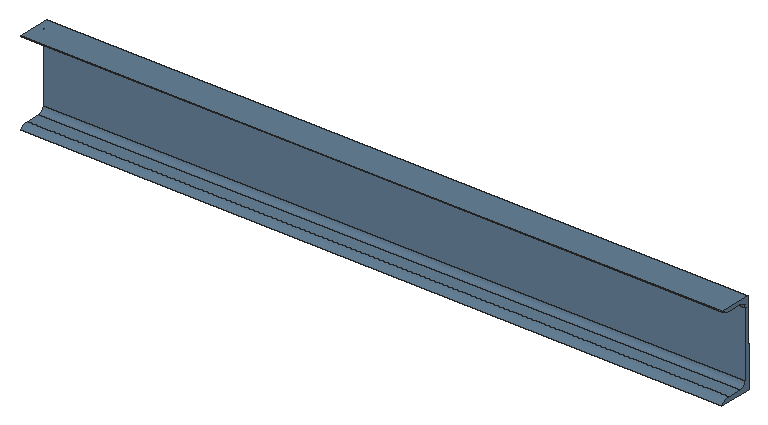
Revit family "28_CC_MOD_balk_UNP180", category Structural Framing, Revit 2017
Family settings
  Section Shape = Not Defined
  Material for Model Behavior = Steel
  Always export as geometry = No
  Always vertical = No
  Cut with Voids When Loaded = No
  Symbolic Representation = From Project Settings
  Shared = No
  Show family pre-cut in plan views = Yes
Parameters (values of type "H")
  Structural Material = Metal - Steel - 345 MPa
  NL_28_spiegel [instance] = no
  NL_28_offset_Y [instance] = if(NL_28_spiegel, if(NL_28_trans_Y, bf / 2, 0 mm), if(NL_28_trans_Y, -bf / 2, 0 mm))  # 0 mm
  NL_28_max_extensie = 1000 mm
  NL_28_hulp_maat = bf / 2 - tf / 2  # 114.9 mm
  NL_28_eind_offset [instance] = NL_28_max_extensie - NL_28_start_extensie  # 1000 mm
  NL_28_start_offset [instance] = NL_28_max_extensie - NL_28_eind_extensie  # 1000 mm
  NL_28_trans_Y [instance] = no
  NL_28_start_extensie [instance] = 0 mm
  NL_28_eind_extensie [instance] = 0 mm
  Assembly Code = ""
  A = 0.005 m²
  Length [instance] = 1500 mm
  W = 0.35402
  bf = 240 mm
  d = 240 mm
  k = 25.2 mm
  tr = k - tf  # 15 mm
  tf = 10.2 mm
  tw = 6.6 mm
Reference planes
  plane 1 "Center (Front/Back)": y = 0
  plane 2: z = 0
  plane 3 "Top": z = 120
  plane 4: z = -120
  plane 5 "Left": x = -567.515
  plane 6 "Right": x = 932.485
  plane 7: x = -1567.515
  plane 8: x = 1932.485
  plane 9: x = -567.515
  plane 10: x = 932.485
Forms (mm)
  Sweep 1, solid, material "Metal - Steel - 345 MPa" <- "Structural Material", detail levels medium+fine
    path origin (0, 0, 0) x (1, 0, 0) y (0, 1, 0)
      loop
        line (932.485, 0) -> (-567.515, 0)
    profile "UNP180 : UNP180" origin (182.485, 0, 0) x (0, -1, 0) y (0, 0, 1)
      loop
        line (70, 180) -> (0, 180) -> (0, 0) -> (70, 0)
        arc (70, 0) -> (60.568, 5.788) -> (49.725, 8) r 31.864
        line (49.725, 8) -> (20, 8)
        arc (20, 8) -> (11.515, 11.515) -> (8, 20) r 12
        line (8, 20) -> (8, 160)
        arc (8, 160) -> (11.515, 168.485) -> (20, 172) r 12
        line (20, 172) -> (49.725, 172)
        arc (49.725, 172) -> (60.568, 174.212) -> (70, 180) r 31.864
Lines and regions (mm)
  symbolic lines, style "Stick Symbols", detail levels coarse
    curve 1: line (4.61, 120, 120) -> (4.61, -120, 120)
    curve 2: line (4.61, -120, 180) -> (4.61, 120, 180)
    curve 3: line (4.61, 0, 180) -> (4.61, 0, 120)
  symbolic lines, style "HiddenStructuralFramingLines", detail levels fine
    curve 4: line (-567.515, -5.1, 0) -> (932.485, -5.1, 0)
    curve 5: line (-567.515, 5.1, 0) -> (932.485, 5.1, 0)
Dimensions and locks
  "d": plane 4 to plane 3 "Top"
  equal spacing: plane 4, plane 2, plane 3 "Top"
  "Length": plane 5 "Left" to plane 6 "Right"
  "NL_28_max_extensie": plane 7 to plane 5 "Left"
  "NL_28_max_extensie": plane 6 "Right" to plane 8
  "NL_28_start_offset": plane 7 to plane 9
  "NL_28_eind_offset": plane 10 to plane 8
  aligned and locked: Sweep 1 sketch curve to plane 1 "Center (Front/Back)"
  aligned and locked: curve 2 to Sweep 1
  aligned and locked: plane 9 to Sweep 1 sketch curve
  aligned and locked: plane 10 to Sweep 1 sketch curve
  aligned and locked: plane 9 to curve 4
  aligned and locked: plane 10 to curve 4
Automatic sketch dimensions
  curve 3 to plane 1 "Center (Front/Back)" = 0 mm
  curve 5 to plane 9 = 0 mm
  curve 5 to plane 10 = 0 mm
  plane 3 "Top" to curve 1 = 0 mm
  plane 1 "Center (Front/Back)" to curve 2 = 120 mm
  curve 1 to curve 2 = 0 mm  (x2)
  curve 2 to plane 1 "Center (Front/Back)" = 120 mm
  plane 1 "Center (Front/Back)" to curve 4 = 5.1 mm
  curve 5 to plane 1 "Center (Front/Back)" = 5.1 mm
